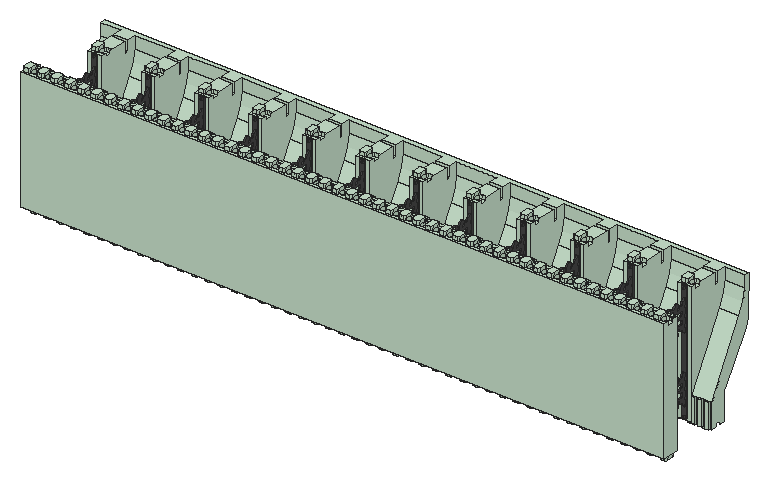
Revit family (continued)
Automatic sketch dimensions
  Extrusion 141 sketch curve to Extrusion 141 sketch curve = 0' - 0.33686"
  Extrusion 141 sketch curve to Extrusion 141 sketch curve = 0' - 0.2216"
  Extrusion 142 sketch curve to plane 7 = 0' - 0.72692"
  Extrusion 142 sketch curve to plane 3 "Center (Left/Right)" = 2' - 7"
  Extrusion 142 sketch curve to Extrusion 142 sketch curve = 0' - 0.17308"  (x2)
  Extrusion 142 sketch curve to Extrusion 142 sketch curve = 0' - 0"  (x5)
  Extrusion 142 sketch curve to Extrusion 142 sketch curve = 0' - 0 1/4"  (x4)
  Extrusion 142 sketch curve to Extrusion 142 sketch curve = 0' - 0.07692"  (x2)
  Extrusion 142 sketch curve to Extrusion 142 sketch curve = 0' - 0.17323"
  Extrusion 142 sketch curve to Extrusion 142 sketch curve = 0' - 0.01019"
  Extrusion 142 sketch curve to Extrusion 142 sketch curve = 0' - 0.07677"
  Extrusion 142 sketch curve to Extrusion 142 sketch curve = 0' - 0.17083"
  Extrusion 142 sketch curve to Extrusion 142 sketch curve = 0' - 0.01665"
  Extrusion 142 sketch curve to Extrusion 142 sketch curve = 0' - 0.14808"
  Extrusion 142 sketch curve to Extrusion 142 sketch curve = 0' - 0.33686"
  Extrusion 142 sketch curve to Extrusion 142 sketch curve = 0' - 0.2216"
  Extrusion 143 sketch curve to plane 7 = 0' - 0.72692"
  Extrusion 143 sketch curve to plane 3 "Center (Left/Right)" = 2' - 5"
  Extrusion 143 sketch curve to Extrusion 143 sketch curve = 0' - 0.17308"  (x2)
  Extrusion 143 sketch curve to Extrusion 143 sketch curve = 0' - 0"  (x5)
  Extrusion 143 sketch curve to Extrusion 143 sketch curve = 0' - 0 1/4"  (x4)
  Extrusion 143 sketch curve to Extrusion 143 sketch curve = 0' - 0.07692"  (x2)
  Extrusion 143 sketch curve to Extrusion 143 sketch curve = 0' - 0.17323"
  Extrusion 143 sketch curve to Extrusion 143 sketch curve = 0' - 0.01019"
  Extrusion 143 sketch curve to Extrusion 143 sketch curve = 0' - 0.07677"
  Extrusion 143 sketch curve to Extrusion 143 sketch curve = 0' - 0.17083"
  Extrusion 143 sketch curve to Extrusion 143 sketch curve = 0' - 0.01665"
  Extrusion 143 sketch curve to Extrusion 143 sketch curve = 0' - 0.14808"
  Extrusion 143 sketch curve to Extrusion 143 sketch curve = 0' - 0.33686"
  Extrusion 143 sketch curve to Extrusion 143 sketch curve = 0' - 0.2216"
  Extrusion 144 sketch curve to plane 7 = 0' - 0.72692"
  Extrusion 144 sketch curve to plane 3 "Center (Left/Right)" = 2' - 3"
  Extrusion 144 sketch curve to Extrusion 144 sketch curve = 0' - 0.17308"  (x2)
  Extrusion 144 sketch curve to Extrusion 144 sketch curve = 0' - 0"  (x5)
  Extrusion 144 sketch curve to Extrusion 144 sketch curve = 0' - 0 1/4"  (x5)
  Extrusion 144 sketch curve to Extrusion 144 sketch curve = 0' - 0.17323"
  Extrusion 144 sketch curve to Extrusion 144 sketch curve = 0' - 0.01019"
  Extrusion 144 sketch curve to Extrusion 144 sketch curve = 0' - 0.07677"
  Extrusion 144 sketch curve to Extrusion 144 sketch curve = 0' - 0.07692"
  Extrusion 144 sketch curve to Extrusion 144 sketch curve = 0' - 0.17083"
  Extrusion 144 sketch curve to Extrusion 144 sketch curve = 0' - 0.01665"
  Extrusion 144 sketch curve to Extrusion 144 sketch curve = 0' - 0.14808"
  Extrusion 144 sketch curve to Extrusion 144 sketch curve = 0' - 0.33686"
  Extrusion 144 sketch curve to Extrusion 144 sketch curve = 0' - 0.2216"
  Extrusion 145 sketch curve to plane 7 = 0' - 0.72692"
  Extrusion 145 sketch curve to plane 3 "Center (Left/Right)" = 2' - 1"
  Extrusion 145 sketch curve to Extrusion 145 sketch curve = 0' - 0.17308"  (x2)
  Extrusion 145 sketch curve to Extrusion 145 sketch curve = 0' - 0"  (x5)
  Extrusion 145 sketch curve to Extrusion 145 sketch curve = 0' - 0 1/4"  (x4)
  Extrusion 145 sketch curve to Extrusion 145 sketch curve = 0' - 0.07692"  (x2)
  Extrusion 145 sketch curve to Extrusion 145 sketch curve = 0' - 0.17323"
  Extrusion 145 sketch curve to Extrusion 145 sketch curve = 0' - 0.01019"
  Extrusion 145 sketch curve to Extrusion 145 sketch curve = 0' - 0.07677"
  Extrusion 145 sketch curve to Extrusion 145 sketch curve = 0' - 0.17083"
  Extrusion 145 sketch curve to Extrusion 145 sketch curve = 0' - 0.01665"
  Extrusion 145 sketch curve to Extrusion 145 sketch curve = 0' - 0.14808"
  Extrusion 145 sketch curve to Extrusion 145 sketch curve = 0' - 0.33686"
  Extrusion 145 sketch curve to Extrusion 145 sketch curve = 0' - 0.2216"
  Extrusion 146 sketch curve to plane 7 = 0' - 0.72692"
  Extrusion 146 sketch curve to plane 3 "Center (Left/Right)" = 1' - 11"
  Extrusion 146 sketch curve to Extrusion 146 sketch curve = 0' - 0.17308"  (x2)
  Extrusion 146 sketch curve to Extrusion 146 sketch curve = 0' - 0"  (x5)
  Extrusion 146 sketch curve to Extrusion 146 sketch curve = 0' - 0 1/4"  (x5)
  Extrusion 146 sketch curve to Extrusion 146 sketch curve = 0' - 0.17323"
  Extrusion 146 sketch curve to Extrusion 146 sketch curve = 0' - 0.01019"
  Extrusion 146 sketch curve to Extrusion 146 sketch curve = 0' - 0.07677"
  Extrusion 146 sketch curve to Extrusion 146 sketch curve = 0' - 0.07692"
  Extrusion 146 sketch curve to Extrusion 146 sketch curve = 0' - 0.17083"
  Extrusion 146 sketch curve to Extrusion 146 sketch curve = 0' - 0.01665"
  Extrusion 146 sketch curve to Extrusion 146 sketch curve = 0' - 0.14808"
  Extrusion 146 sketch curve to Extrusion 146 sketch curve = 0' - 0.33686"
  Extrusion 146 sketch curve to Extrusion 146 sketch curve = 0' - 0.2216"
  Extrusion 147 sketch curve to plane 7 = 0' - 0.72692"
  Extrusion 147 sketch curve to plane 3 "Center (Left/Right)" = 1' - 9"
  Extrusion 147 sketch curve to Extrusion 147 sketch curve = 0' - 0.17308"  (x2)
  Extrusion 147 sketch curve to Extrusion 147 sketch curve = 0' - 0"  (x5)
  Extrusion 147 sketch curve to Extrusion 147 sketch curve = 0' - 0 1/4"  (x5)
  Extrusion 147 sketch curve to Extrusion 147 sketch curve = 0' - 0.17323"
  Extrusion 147 sketch curve to Extrusion 147 sketch curve = 0' - 0.01019"
  Extrusion 147 sketch curve to Extrusion 147 sketch curve = 0' - 0.07677"
  Extrusion 147 sketch curve to Extrusion 147 sketch curve = 0' - 0.07692"
  Extrusion 147 sketch curve to Extrusion 147 sketch curve = 0' - 0.17083"
  Extrusion 147 sketch curve to Extrusion 147 sketch curve = 0' - 0.01665"
  Extrusion 147 sketch curve to Extrusion 147 sketch curve = 0' - 0.14808"
  Extrusion 147 sketch curve to Extrusion 147 sketch curve = 0' - 0.33686"
  Extrusion 147 sketch curve to Extrusion 147 sketch curve = 0' - 0.2216"
  Extrusion 148 sketch curve to plane 7 = 0' - 0.72692"
  Extrusion 148 sketch curve to plane 3 "Center (Left/Right)" = 1' - 7"
  Extrusion 148 sketch curve to Extrusion 148 sketch curve = 0' - 0.17308"  (x2)
  Extrusion 148 sketch curve to Extrusion 148 sketch curve = 0' - 0"  (x5)
  Extrusion 148 sketch curve to Extrusion 148 sketch curve = 0' - 0 1/4"  (x4)
  Extrusion 148 sketch curve to Extrusion 148 sketch curve = 0' - 0.07692"  (x2)
  Extrusion 148 sketch curve to Extrusion 148 sketch curve = 0' - 0.17323"
  Extrusion 148 sketch curve to Extrusion 148 sketch curve = 0' - 0.01019"
  Extrusion 148 sketch curve to Extrusion 148 sketch curve = 0' - 0.07677"
  Extrusion 148 sketch curve to Extrusion 148 sketch curve = 0' - 0.17083"
  Extrusion 148 sketch curve to Extrusion 148 sketch curve = 0' - 0.01665"
  Extrusion 148 sketch curve to Extrusion 148 sketch curve = 0' - 0.14808"
  Extrusion 148 sketch curve to Extrusion 148 sketch curve = 0' - 0.33686"
  Extrusion 148 sketch curve to Extrusion 148 sketch curve = 0' - 0.2216"
  Extrusion 149 sketch curve to plane 7 = 0' - 0.72692"
  Extrusion 149 sketch curve to plane 3 "Center (Left/Right)" = 1' - 5"
  Extrusion 149 sketch curve to Extrusion 149 sketch curve = 0' - 0.17308"  (x2)
  Extrusion 149 sketch curve to Extrusion 149 sketch curve = 0' - 0"  (x5)
  Extrusion 149 sketch curve to Extrusion 149 sketch curve = 0' - 0 1/4"  (x4)
  Extrusion 149 sketch curve to Extrusion 149 sketch curve = 0' - 0.07692"  (x2)
  Extrusion 149 sketch curve to Extrusion 149 sketch curve = 0' - 0.17323"
  Extrusion 149 sketch curve to Extrusion 149 sketch curve = 0' - 0.01019"
  Extrusion 149 sketch curve to Extrusion 149 sketch curve = 0' - 0.07677"
  Extrusion 149 sketch curve to Extrusion 149 sketch curve = 0' - 0.17083"
  Extrusion 149 sketch curve to Extrusion 149 sketch curve = 0' - 0.01665"
  Extrusion 149 sketch curve to Extrusion 149 sketch curve = 0' - 0.14808"
  Extrusion 149 sketch curve to Extrusion 149 sketch curve = 0' - 0.33686"
  Extrusion 149 sketch curve to Extrusion 149 sketch curve = 0' - 0.2216"
  Extrusion 150 sketch curve to plane 7 = 0' - 0.72692"
  Extrusion 150 sketch curve to plane 3 "Center (Left/Right)" = 1' - 3"
  Extrusion 150 sketch curve to Extrusion 150 sketch curve = 0' - 0.17308"  (x2)
  Extrusion 150 sketch curve to Extrusion 150 sketch curve = 0' - 0"  (x5)
  Extrusion 150 sketch curve to Extrusion 150 sketch curve = 0' - 0 1/4"  (x5)
  Extrusion 150 sketch curve to Extrusion 150 sketch curve = 0' - 0.17323"
  Extrusion 150 sketch curve to Extrusion 150 sketch curve = 0' - 0.01019"
  Extrusion 150 sketch curve to Extrusion 150 sketch curve = 0' - 0.07677"
  Extrusion 150 sketch curve to Extrusion 150 sketch curve = 0' - 0.07692"
  Extrusion 150 sketch curve to Extrusion 150 sketch curve = 0' - 0.17083"
  Extrusion 150 sketch curve to Extrusion 150 sketch curve = 0' - 0.01665"
  Extrusion 150 sketch curve to Extrusion 150 sketch curve = 0' - 0.14808"
  Extrusion 150 sketch curve to Extrusion 150 sketch curve = 0' - 0.33686"
  Extrusion 150 sketch curve to Extrusion 150 sketch curve = 0' - 0.2216"
  Extrusion 151 sketch curve to plane 7 = 0' - 0.72692"
  Extrusion 151 sketch curve to plane 3 "Center (Left/Right)" = 1' - 1"
  Extrusion 151 sketch curve to Extrusion 151 sketch curve = 0' - 0.17308"  (x2)
  Extrusion 151 sketch curve to Extrusion 151 sketch curve = 0' - 0"  (x5)
  Extrusion 151 sketch curve to Extrusion 151 sketch curve = 0' - 0 1/4"  (x5)
  Extrusion 151 sketch curve to Extrusion 151 sketch curve = 0' - 0.17323"
  Extrusion 151 sketch curve to Extrusion 151 sketch curve = 0' - 0.01019"
  Extrusion 151 sketch curve to Extrusion 151 sketch curve = 0' - 0.07677"
  Extrusion 151 sketch curve to Extrusion 151 sketch curve = 0' - 0.07692"
  Extrusion 151 sketch curve to Extrusion 151 sketch curve = 0' - 0.17083"
  Extrusion 151 sketch curve to Extrusion 151 sketch curve = 0' - 0.01665"
  Extrusion 151 sketch curve to Extrusion 151 sketch curve = 0' - 0.14808"
  Extrusion 151 sketch curve to Extrusion 151 sketch curve = 0' - 0.33686"
  Extrusion 151 sketch curve to Extrusion 151 sketch curve = 0' - 0.2216"
  Extrusion 152 sketch curve to plane 7 = 0' - 0.72692"
  Extrusion 152 sketch curve to plane 3 "Center (Left/Right)" = 0' - 11"
  Extrusion 152 sketch curve to Extrusion 152 sketch curve = 0' - 0.17308"  (x2)
  Extrusion 152 sketch curve to Extrusion 152 sketch curve = 0' - 0"  (x5)
  Extrusion 152 sketch curve to Extrusion 152 sketch curve = 0' - 0 1/4"  (x5)
  Extrusion 152 sketch curve to Extrusion 152 sketch curve = 0' - 0.17323"
  Extrusion 152 sketch curve to Extrusion 152 sketch curve = 0' - 0.01019"
  Extrusion 152 sketch curve to Extrusion 152 sketch curve = 0' - 0.07677"
  Extrusion 152 sketch curve to Extrusion 152 sketch curve = 0' - 0.07692"
  Extrusion 152 sketch curve to Extrusion 152 sketch curve = 0' - 0.17083"
  Extrusion 152 sketch curve to Extrusion 152 sketch curve = 0' - 0.01665"
  Extrusion 152 sketch curve to Extrusion 152 sketch curve = 0' - 0.14808"
  Extrusion 152 sketch curve to Extrusion 152 sketch curve = 0' - 0.33686"
  Extrusion 152 sketch curve to Extrusion 152 sketch curve = 0' - 0.2216"
  Extrusion 153 sketch curve to plane 7 = 0' - 0.72692"
  Extrusion 153 sketch curve to plane 3 "Center (Left/Right)" = 0' - 9"
  Extrusion 153 sketch curve to Extrusion 153 sketch curve = 0' - 0.17308"  (x2)
  Extrusion 153 sketch curve to Extrusion 153 sketch curve = 0' - 0"  (x5)
  Extrusion 153 sketch curve to Extrusion 153 sketch curve = 0' - 0 1/4"  (x5)
  Extrusion 153 sketch curve to Extrusion 153 sketch curve = 0' - 0.17323"
  Extrusion 153 sketch curve to Extrusion 153 sketch curve = 0' - 0.01019"
  Extrusion 153 sketch curve to Extrusion 153 sketch curve = 0' - 0.07677"
  Extrusion 153 sketch curve to Extrusion 153 sketch curve = 0' - 0.07692"
  Extrusion 153 sketch curve to Extrusion 153 sketch curve = 0' - 0.17083"
  Extrusion 153 sketch curve to Extrusion 153 sketch curve = 0' - 0.01665"
  Extrusion 153 sketch curve to Extrusion 153 sketch curve = 0' - 0.14808"
  Extrusion 153 sketch curve to Extrusion 153 sketch curve = 0' - 0.33686"
  Extrusion 153 sketch curve to Extrusion 153 sketch curve = 0' - 0.2216"
  Extrusion 154 sketch curve to plane 7 = 0' - 0.72692"
  Extrusion 154 sketch curve to plane 3 "Center (Left/Right)" = 0' - 7"
  Extrusion 154 sketch curve to Extrusion 154 sketch curve = 0' - 0.17308"  (x2)
  Extrusion 154 sketch curve to Extrusion 154 sketch curve = 0' - 0"  (x5)
  Extrusion 154 sketch curve to Extrusion 154 sketch curve = 0' - 0 1/4"  (x5)
  Extrusion 154 sketch curve to Extrusion 154 sketch curve = 0' - 0.17323"
  Extrusion 154 sketch curve to Extrusion 154 sketch curve = 0' - 0.01019"
  Extrusion 154 sketch curve to Extrusion 154 sketch curve = 0' - 0.07677"
  Extrusion 154 sketch curve to Extrusion 154 sketch curve = 0' - 0.07692"
  Extrusion 154 sketch curve to Extrusion 154 sketch curve = 0' - 0.17083"
  Extrusion 154 sketch curve to Extrusion 154 sketch curve = 0' - 0.01665"
  Extrusion 154 sketch curve to Extrusion 154 sketch curve = 0' - 0.14808"
  Extrusion 154 sketch curve to Extrusion 154 sketch curve = 0' - 0.33686"
  Extrusion 154 sketch curve to Extrusion 154 sketch curve = 0' - 0.2216"
  Extrusion 155 sketch curve to plane 7 = 0' - 0.72692"
  Extrusion 155 sketch curve to plane 3 "Center (Left/Right)" = 0' - 5"
  Extrusion 155 sketch curve to Extrusion 155 sketch curve = 0' - 0.17308"  (x2)
  Extrusion 155 sketch curve to Extrusion 155 sketch curve = 0' - 0"  (x5)
  Extrusion 155 sketch curve to Extrusion 155 sketch curve = 0' - 0 1/4"  (x5)
  Extrusion 155 sketch curve to Extrusion 155 sketch curve = 0' - 0.17323"
  Extrusion 155 sketch curve to Extrusion 155 sketch curve = 0' - 0.01019"
  Extrusion 155 sketch curve to Extrusion 155 sketch curve = 0' - 0.07677"
  Extrusion 155 sketch curve to Extrusion 155 sketch curve = 0' - 0.07692"
  Extrusion 155 sketch curve to Extrusion 155 sketch curve = 0' - 0.17083"
  Extrusion 155 sketch curve to Extrusion 155 sketch curve = 0' - 0.01665"
  Extrusion 155 sketch curve to Extrusion 155 sketch curve = 0' - 0.14808"
  Extrusion 155 sketch curve to Extrusion 155 sketch curve = 0' - 0.33686"
  Extrusion 155 sketch curve to Extrusion 155 sketch curve = 0' - 0.2216"
  Extrusion 156 sketch curve to plane 7 = 0' - 0.72692"
  Extrusion 156 sketch curve to plane 3 "Center (Left/Right)" = 0' - 3"
  Extrusion 156 sketch curve to Extrusion 156 sketch curve = 0' - 0.17308"  (x2)
  Extrusion 156 sketch curve to Extrusion 156 sketch curve = 0' - 0"  (x5)
  Extrusion 156 sketch curve to Extrusion 156 sketch curve = 0' - 0.07692"  (x2)
  Extrusion 156 sketch curve to Extrusion 156 sketch curve = 0' - 0 1/4"  (x4)
  Extrusion 156 sketch curve to Extrusion 156 sketch curve = 0' - 0.17323"
  Extrusion 156 sketch curve to Extrusion 156 sketch curve = 0' - 0.01019"
  Extrusion 156 sketch curve to Extrusion 156 sketch curve = 0' - 0.07677"
  Extrusion 156 sketch curve to Extrusion 156 sketch curve = 0' - 0.17083"
  Extrusion 156 sketch curve to Extrusion 156 sketch curve = 0' - 0.01665"
  Extrusion 156 sketch curve to Extrusion 156 sketch curve = 0' - 0.14808"
  Extrusion 156 sketch curve to Extrusion 156 sketch curve = 0' - 0.33686"
  Extrusion 156 sketch curve to Extrusion 156 sketch curve = 0' - 0.2216"
  Extrusion 157 sketch curve to plane 3 "Center (Left/Right)" = 0' - 1"
  Extrusion 157 sketch curve to Extrusion 157 sketch curve = 0' - 0.17308"  (x2)
  Extrusion 157 sketch curve to Extrusion 157 sketch curve = 0' - 0"  (x5)
  Extrusion 157 sketch curve to Extrusion 157 sketch curve = 0' - 0 1/4"  (x4)
  Extrusion 157 sketch curve to Extrusion 157 sketch curve = 0' - 0.07692"  (x2)
  Extrusion 157 sketch curve to Extrusion 157 sketch curve = 0' - 0.17323"
  Extrusion 157 sketch curve to Extrusion 157 sketch curve = 0' - 0.01019"
  Extrusion 157 sketch curve to Extrusion 157 sketch curve = 0' - 0.07677"
  Extrusion 157 sketch curve to Extrusion 157 sketch curve = 0' - 0.17083"
  Extrusion 157 sketch curve to Extrusion 157 sketch curve = 0' - 0.01665"
  Extrusion 157 sketch curve to plane 7 = 0' - 0.48905"
  Extrusion 157 sketch curve to Extrusion 157 sketch curve = 0' - 0.14808"
  Extrusion 157 sketch curve to Extrusion 157 sketch curve = 0' - 0.33686"
  Extrusion 157 sketch curve to Extrusion 157 sketch curve = 0' - 0.2216"
  curve 1 to level = 0' - 0"
  curve 1 to plane 9 = 0' - 0"
  plane 3 "Center (Left/Right)" to curve 1 = 0' - 8"
  Extrusion 158 sketch curve to level = 0' - 0"
  Extrusion 158 sketch curve to plane 7 = 0' - 0"
  plane 7 to Extrusion 158 sketch curve = 0' - 0 1/2"
  Extrusion 158 sketch curve to plane 5 = 0' - 0 1/4"
  Extrusion 158 sketch curve to plane 9 = 0' - 0.25337"
  plane 1 "Center (Front/Back)" to Extrusion 158 sketch curve = 0' - 1.22031"
  Extrusion 158 sketch curve to plane 7 = 0' - 0.09212"
  Extrusion 158 sketch curve to plane 7 = 0' - 1.17134"
  Extrusion 158 sketch curve to plane 7 = 0' - 2.8"
  Extrusion 158 sketch curve to plane 9 = 0' - 1 3/4"
  Extrusion 158 sketch curve to Extrusion 158 sketch curve = 0' - 1"
  Extrusion 158 sketch curve to Extrusion 158 sketch curve = 0' - 1.03013"
  plane 9 to Extrusion 158 sketch curve = 0' - 0"
  Extrusion 158 sketch curve to Extrusion 158 sketch curve = 0' - 0.7"
  Extrusion 158 sketch curve to Extrusion 158 sketch curve = 0' - 3 5/8"
  Extrusion 158 sketch curve to Extrusion 158 sketch curve = 0' - 0 1/4"
  Extrusion 158 sketch curve to Extrusion 158 sketch curve = 0' - 0.01926"
  Extrusion 158 sketch curve to Extrusion 158 sketch curve = 0' - 2 1/2"
  Extrusion 159 sketch curve to plane 9 = 0' - 0"
  Extrusion 159 sketch curve to plane 9 = 0' - 0.25337"
  plane 1 "Center (Front/Back)" to Extrusion 159 sketch curve = 0' - 1.22031"
  Extrusion 159 sketch curve to plane 5 = 0' - 0 1/4"
  Extrusion 159 sketch curve to plane 7 = 0' - 2"
  Extrusion 159 sketch curve to Extrusion 159 sketch curve = 0' - 0 1/4"  (x2)
  Extrusion 159 sketch curve to plane 7 = 0' - 2.8"
  Extrusion 159 sketch curve to Extrusion 159 sketch curve = 0' - 1.3"
  Extrusion 159 sketch curve to plane 9 = 0' - 1 1/2"
  level to Extrusion 159 sketch curve = 0' - 3 5/8"
  plane 9 to Extrusion 159 sketch curve = 0' - 0"
  Extrusion 160 sketch curve to plane 9 = 0' - 0"
  Extrusion 160 sketch curve to plane 9 = 0' - 0.25337"
  plane 1 "Center (Front/Back)" to Extrusion 160 sketch curve = 0' - 1.22031"
  Extrusion 160 sketch curve to plane 5 = 0' - 0 1/4"
  Extrusion 160 sketch curve to plane 7 = 0' - 2"
  Extrusion 160 sketch curve to Extrusion 160 sketch curve = 0' - 0 1/4"  (x2)
  Extrusion 160 sketch curve to plane 7 = 0' - 2.8"
  Extrusion 160 sketch curve to Extrusion 160 sketch curve = 0' - 1.3"
  Extrusion 160 sketch curve to plane 9 = 0' - 1 1/2"
  level to Extrusion 160 sketch curve = 0' - 3 5/8"
  plane 9 to Extrusion 160 sketch curve = 0' - 0"
  Extrusion 161 sketch curve to plane 9 = 0' - 0"
  Extrusion 161 sketch curve to plane 9 = 0' - 0.25337"
  plane 1 "Center (Front/Back)" to Extrusion 161 sketch curve = 0' - 1.22031"
  Extrusion 161 sketch curve to plane 5 = 0' - 0 1/4"
  Extrusion 161 sketch curve to plane 7 = 0' - 2"
  Extrusion 161 sketch curve to Extrusion 161 sketch curve = 0' - 0 1/4"  (x2)
  Extrusion 161 sketch curve to plane 7 = 0' - 2.8"
  Extrusion 161 sketch curve to Extrusion 161 sketch curve = 0' - 1.3"
  Extrusion 161 sketch curve to plane 9 = 0' - 1 1/2"
  level to Extrusion 161 sketch curve = 0' - 3 5/8"
  plane 9 to Extrusion 161 sketch curve = 0' - 0"
  level to Extrusion 162 sketch curve = 0' - 3 5/8"
  Extrusion 162 sketch curve to plane 9 = 0' - 0"
  Extrusion 162 sketch curve to plane 5 = 0' - 0 1/4"
  Extrusion 162 sketch curve to plane 7 = 0' - 2"
  Extrusion 162 sketch curve to Extrusion 162 sketch curve = 0' - 0 1/4"
  plane 9 to Extrusion 162 sketch curve = 0' - 0"
  Extrusion 162 sketch curve to Extrusion 162 sketch curve = 0' - 1.3"
  Extrusion 162 sketch curve to plane 9 = 0' - 1 3/4"
  Extrusion 162 sketch curve to Extrusion 162 sketch curve = 0' - 1 1/2"
  Extrusion 162 sketch curve to plane 9 = 0' - 0.25337"
  plane 1 "Center (Front/Back)" to Extrusion 162 sketch curve = 0' - 1.22031"
  Extrusion 162 sketch curve to plane 7 = 0' - 2.8"
  Extrusion 163 sketch curve to plane 9 = 0' - 0"
  Extrusion 163 sketch curve to plane 9 = 0' - 0.25337"
  plane 1 "Center (Front/Back)" to Extrusion 163 sketch curve = 0' - 1.22031"
  Extrusion 163 sketch curve to plane 5 = 0' - 0 1/4"
  Extrusion 163 sketch curve to plane 7 = 0' - 2"
  Extrusion 163 sketch curve to Extrusion 163 sketch curve = 0' - 0 1/4"  (x2)
  Extrusion 163 sketch curve to plane 7 = 0' - 2.8"
  Extrusion 163 sketch curve to Extrusion 163 sketch curve = 0' - 1.3"
  Extrusion 163 sketch curve to plane 9 = 0' - 1 1/2"
  level to Extrusion 163 sketch curve = 0' - 3 5/8"
  plane 9 to Extrusion 163 sketch curve = 0' - 0"
  Extrusion 164 sketch curve to plane 9 = 0' - 0"
  Extrusion 164 sketch curve to plane 9 = 0' - 0.25337"
  plane 1 "Center (Front/Back)" to Extrusion 164 sketch curve = 0' - 1.22031"
  Extrusion 164 sketch curve to plane 5 = 0' - 0 1/4"
  Extrusion 164 sketch curve to plane 7 = 0' - 2"
  Extrusion 164 sketch curve to Extrusion 164 sketch curve = 0' - 0 1/4"  (x2)
  Extrusion 164 sketch curve to plane 7 = 0' - 2.8"
  Extrusion 164 sketch curve to Extrusion 164 sketch curve = 0' - 1.3"
  Extrusion 164 sketch curve to plane 9 = 0' - 1 1/2"
  level to Extrusion 164 sketch curve = 0' - 3 5/8"
  plane 9 to Extrusion 164 sketch curve = 0' - 0"
  Extrusion 165 sketch curve to plane 9 = 0' - 0"
  Extrusion 165 sketch curve to plane 9 = 0' - 0.25337"
  plane 1 "Center (Front/Back)" to Extrusion 165 sketch curve = 0' - 1.22031"
  Extrusion 165 sketch curve to plane 5 = 0' - 0 1/4"
  Extrusion 165 sketch curve to plane 7 = 0' - 2"
  Extrusion 165 sketch curve to Extrusion 165 sketch curve = 0' - 0 1/4"  (x2)
  Extrusion 165 sketch curve to plane 7 = 0' - 2.8"
  Extrusion 165 sketch curve to Extrusion 165 sketch curve = 0' - 1.3"
  Extrusion 165 sketch curve to plane 9 = 0' - 1 1/2"
  level to Extrusion 165 sketch curve = 0' - 3 5/8"
  plane 9 to Extrusion 165 sketch curve = 0' - 0"
  Extrusion 166 sketch curve to plane 9 = 0' - 0"
  Extrusion 166 sketch curve to plane 9 = 0' - 0.25337"
  plane 1 "Center (Front/Back)" to Extrusion 166 sketch curve = 0' - 1.22031"
  Extrusion 166 sketch curve to plane 5 = 0' - 0 1/4"
  Extrusion 166 sketch curve to plane 7 = 0' - 2"
  Extrusion 166 sketch curve to Extrusion 166 sketch curve = 0' - 0 1/4"  (x2)
  Extrusion 166 sketch curve to plane 7 = 0' - 2.8"
  Extrusion 166 sketch curve to Extrusion 166 sketch curve = 0' - 1.3"
  Extrusion 166 sketch curve to plane 9 = 0' - 1 1/2"
  level to Extrusion 166 sketch curve = 0' - 3 5/8"
  plane 9 to Extrusion 166 sketch curve = 0' - 0"
  Extrusion 167 sketch curve to plane 9 = 0' - 0"
  Extrusion 167 sketch curve to plane 9 = 0' - 0.25337"
  plane 1 "Center (Front/Back)" to Extrusion 167 sketch curve = 0' - 1.22031"
  Extrusion 167 sketch curve to plane 5 = 0' - 0 1/4"
  Extrusion 167 sketch curve to plane 7 = 0' - 2"
  Extrusion 167 sketch curve to Extrusion 167 sketch curve = 0' - 0 1/4"  (x2)
  Extrusion 167 sketch curve to plane 7 = 0' - 2.8"
  Extrusion 167 sketch curve to Extrusion 167 sketch curve = 0' - 1.3"
  Extrusion 167 sketch curve to plane 9 = 0' - 1 1/2"
  level to Extrusion 167 sketch curve = 0' - 3 5/8"
  plane 9 to Extrusion 167 sketch curve = 0' - 0"
  Extrusion 168 sketch curve to plane 9 = 0' - 0"
  Extrusion 168 sketch curve to plane 9 = 0' - 0.25337"
  plane 1 "Center (Front/Back)" to Extrusion 168 sketch curve = 0' - 1.22031"
  Extrusion 168 sketch curve to plane 5 = 0' - 0 1/4"
  Extrusion 168 sketch curve to plane 7 = 0' - 2"
  Extrusion 168 sketch curve to Extrusion 168 sketch curve = 0' - 0 1/4"  (x2)
  Extrusion 168 sketch curve to plane 7 = 0' - 2.8"
  Extrusion 168 sketch curve to Extrusion 168 sketch curve = 0' - 1.3"
  Extrusion 168 sketch curve to plane 9 = 0' - 1 1/2"
  level to Extrusion 168 sketch curve = 0' - 3 5/8"
  plane 9 to Extrusion 168 sketch curve = 0' - 0"
  Extrusion 169 sketch curve to plane 9 = 0' - 0"
  Extrusion 169 sketch curve to plane 9 = 0' - 0.25337"
  plane 1 "Center (Front/Back)" to Extrusion 169 sketch curve = 0' - 1.22031"
  Extrusion 169 sketch curve to plane 5 = 0' - 0 1/4"
  Extrusion 169 sketch curve to plane 7 = 0' - 2"
  Extrusion 169 sketch curve to Extrusion 169 sketch curve = 0' - 0 1/4"  (x2)
  Extrusion 169 sketch curve to plane 7 = 0' - 2.8"
  Extrusion 169 sketch curve to Extrusion 169 sketch curve = 0' - 1.3"
  Extrusion 169 sketch curve to plane 9 = 0' - 1 1/2"
  level to Extrusion 169 sketch curve = 0' - 3 5/8"
  plane 9 to Extrusion 169 sketch curve = 0' - 0"
  Extrusion 170 sketch curve to plane 9 = 0' - 0"
  Extrusion 170 sketch curve to plane 9 = 0' - 0.25337"
  plane 1 "Center (Front/Back)" to Extrusion 170 sketch curve = 0' - 1.22031"
  Extrusion 170 sketch curve to plane 5 = 0' - 0 1/4"
  Extrusion 170 sketch curve to plane 7 = 0' - 2"
  Extrusion 170 sketch curve to Extrusion 170 sketch curve = 0' - 0 1/4"  (x2)
  Extrusion 170 sketch curve to plane 7 = 0' - 2.8"
  Extrusion 170 sketch curve to Extrusion 170 sketch curve = 0' - 1.3"
  Extrusion 170 sketch curve to plane 9 = 0' - 1 1/2"
  level to Extrusion 170 sketch curve = 0' - 3 5/8"
  plane 9 to Extrusion 170 sketch curve = 0' - 0"
  plane 5 to Extrusion 171 sketch curve = 0' - 0"  (x72)
  plane 3 "Center (Left/Right)" to Extrusion 171 sketch curve = 0' - 0.21883"
  Extrusion 171 sketch curve to Extrusion 171 sketch curve = 0' - 0.06233"  (x143)
  Extrusion 171 sketch curve to plane 5 = 0' - 0 1/4"  (x72)
  Extrusion 171 sketch curve to Extrusion 171 sketch curve = 0' - 0.43767"  (x130)
  Extrusion 171 sketch curve to Extrusion 171 sketch curve = 0' - 2.43767"  (x12)
  Extrusion 171 sketch curve to plane 4 = 0' - 0.28117"
  Extrusion 171 sketch curve to plane 4 = 0' - 0.21883"
Nested families (in)
  nested 1: "NUDURA Diamond Pattern" at (0, 0, 0), type "NUDURA Diamond Pattern"
  nested 2: "NUDURA Diamond Pattern" at (16, 0, 0), type "NUDURA Diamond Pattern"
  nested 3: "NUDURA Diamond Pattern" at (24, 0, 0), type "NUDURA Diamond Pattern"
  nested 4: "NUDURA Diamond Pattern" at (40, 0, 0), type "NUDURA Diamond Pattern"
  nested 5: "NUDURA Diamond Pattern" at (48, 0, 0), type "NUDURA Diamond Pattern"
  nested 6: "NUDURA Diamond Pattern" at (64, 0, 0), type "NUDURA Diamond Pattern"
  nested 7: "NUDURA Diamond Pattern" at (72, 0, 0), type "NUDURA Diamond Pattern"
  nested 8: "NUDURA Diamond Pattern" at (88, 0, 0), type "NUDURA Diamond Pattern"
  nested 9: "Interlock Tooth" at (0, 0, 0), type "Interlock Tooth"
  nested 10: "Interlock Tooth" at (2, 0, 0), type "Interlock Tooth"
  nested 11: "Interlock Tooth" at (4, 0, 0), type "Interlock Tooth"
  nested 12: "Interlock Tooth" at (6, 0, 0), type "Interlock Tooth"
  nested 13: "Interlock Tooth" at (8, 0, 0), type "Interlock Tooth"
  nested 14: "Interlock Tooth" at (10, 0, 0), type "Interlock Tooth"
  nested 15: "Interlock Tooth" at (12, 0, 0), type "Interlock Tooth"
  nested 16: "Interlock Tooth" at (14, 0, 0), type "Interlock Tooth"
  nested 17: "Interlock Tooth" at (16, 0, 0), type "Interlock Tooth"
  nested 18: "Interlock Tooth" at (18, 0, 0), type "Interlock Tooth"
  nested 19: "Interlock Tooth" at (20, 0, 0), type "Interlock Tooth"
  nested 20: "Interlock Tooth" at (22, 0, 0), type "Interlock Tooth"
  nested 21: "Interlock Tooth" at (24, 0, 0), type "Interlock Tooth"
  nested 22: "Interlock Tooth" at (26, 0, 0), type "Interlock Tooth"
  nested 23: "Interlock Tooth" at (28, 0, 0), type "Interlock Tooth"
  nested 24: "Interlock Tooth" at (30, 0, 0), type "Interlock Tooth"
  nested 25: "Interlock Tooth" at (32, 0, 0), type "Interlock Tooth"
  nested 26: "Interlock Tooth" at (34, 0, 0), type "Interlock Tooth"
  nested 27: "Interlock Tooth" at (36, 0, 0), type "Interlock Tooth"
  nested 28: "Interlock Tooth" at (38, 0, 0), type "Interlock Tooth"
  nested 29: "Interlock Tooth" at (40, 0, 0), type "Interlock Tooth"
  nested 30: "Interlock Tooth" at (42, 0, 0), type "Interlock Tooth"
  nested 31: "Interlock Tooth" at (44, 0, 0), type "Interlock Tooth"
  nested 32: "Interlock Tooth" at (46, 0, 0), type "Interlock Tooth"
  nested 33: "Interlock Tooth" at (48, 0, 0), type "Interlock Tooth"
  nested 34: "Interlock Tooth" at (50, 0, 0), type "Interlock Tooth"
  nested 35: "Interlock Tooth" at (52, 0, 0), type "Interlock Tooth"
  nested 36: "Interlock Tooth" at (54, 0, 0), type "Interlock Tooth"
  nested 37: "Interlock Tooth" at (56, 0, 0), type "Interlock Tooth"
  nested 38: "Interlock Tooth" at (58, 0, 0), type "Interlock Tooth"
  nested 39: "Interlock Tooth" at (60, 0, 0), type "Interlock Tooth"
  nested 40: "Interlock Tooth" at (62, 0, 0), type "Interlock Tooth"
  nested 41: "Interlock Tooth" at (64, 0, 0), type "Interlock Tooth"
  nested 42: "Interlock Tooth" at (66, 0, 0), type "Interlock Tooth"
  nested 43: "Interlock Tooth" at (68, 0, 0), type "Interlock Tooth"
  nested 44: "Interlock Tooth" at (70, 0, 0), type "Interlock Tooth"
  nested 45: "Interlock Tooth" at (72, 0, 0), type "Interlock Tooth"
  nested 46: "Interlock Tooth" at (74, 0, 0), type "Interlock Tooth"
  nested 47: "Interlock Tooth" at (76, 0, 0), type "Interlock Tooth"
  nested 48: "Interlock Tooth" at (78, 0, 0), type "Interlock Tooth"
  nested 49: "Interlock Tooth" at (80, 0, 0), type "Interlock Tooth"
  nested 50: "Interlock Tooth" at (82, 0, 0), type "Interlock Tooth"
  nested 51: "Interlock Tooth" at (84, 0, 0), type "Interlock Tooth"
  nested 52: "Interlock Tooth" at (86, 0, 0), type "Interlock Tooth"
  nested 53: "Interlock Tooth" at (88, 0, 0), type "Interlock Tooth"
  nested 54: "Interlock Tooth" at (90, 0, 0), type "Interlock Tooth"
  nested 55: "Interlock Tooth" at (92, 0, 0), type "Interlock Tooth"
  nested 56: "Interlock Tooth" at (94, 0, 0), type "Interlock Tooth"
  nested 57: "Interlock Tooth" at (3, 8.875, 0), type "Interlock Tooth"
  nested 58: "Interlock Tooth" at (11, 8.875, 0), type "Interlock Tooth"
  nested 59: "Interlock Tooth" at (19, 8.875, 0), type "Interlock Tooth"
  nested 60: "Interlock Tooth" at (27, 8.875, 0), type "Interlock Tooth"
  nested 61: "Interlock Tooth" at (35, 8.875, 0), type "Interlock Tooth"
  nested 62: "Interlock Tooth" at (43, 8.875, 0), type "Interlock Tooth"
  nested 63: "Interlock Tooth" at (51, 8.875, 0), type "Interlock Tooth"
  nested 64: "Interlock Tooth" at (59, 8.875, 0), type "Interlock Tooth"
  nested 65: "Interlock Tooth" at (67, 8.875, 0), type "Interlock Tooth"
  nested 66: "Interlock Tooth" at (75, 8.875, 0), type "Interlock Tooth"
  nested 67: "Interlock Tooth" at (83, 8.875, 0), type "Interlock Tooth"
  nested 68: "Interlock Tooth" at (91, 8.875, 0), type "Interlock Tooth"
  nested 69: "Interlock Tooth" at (1, -8.875, -18.5), type "Interlock Tooth"
  nested 70: "Interlock Tooth" at (3, -8.875, -18.5), type "Interlock Tooth"
  nested 71: "Interlock Tooth" at (5, -8.875, -18.5), type "Interlock Tooth"
  nested 72: "Interlock Tooth" at (7, -8.875, -18.5), type "Interlock Tooth"
  nested 73: "Interlock Tooth" at (9, -8.875, -18.5), type "Interlock Tooth"
  nested 74: "Interlock Tooth" at (11, -8.875, -18.5), type "Interlock Tooth"
  nested 75: "Interlock Tooth" at (13, -8.875, -18.5), type "Interlock Tooth"
  nested 76: "Interlock Tooth" at (15, -8.875, -18.5), type "Interlock Tooth"
  nested 77: "Interlock Tooth" at (17, -8.875, -18.5), type "Interlock Tooth"
  nested 78: "Interlock Tooth" at (19, -8.875, -18.5), type "Interlock Tooth"
  nested 79: "Interlock Tooth" at (21, -8.875, -18.5), type "Interlock Tooth"
  nested 80: "Interlock Tooth" at (23, -8.875, -18.5), type "Interlock Tooth"
  nested 81: "Interlock Tooth" at (25, -8.875, -18.5), type "Interlock Tooth"
  nested 82: "Interlock Tooth" at (27, -8.875, -18.5), type "Interlock Tooth"
  nested 83: "Interlock Tooth" at (29, -8.875, -18.5), type "Interlock Tooth"
  nested 84: "Interlock Tooth" at (31, -8.875, -18.5), type "Interlock Tooth"
  nested 85: "Interlock Tooth" at (33, -8.875, -18.5), type "Interlock Tooth"
  nested 86: "Interlock Tooth" at (35, -8.875, -18.5), type "Interlock Tooth"
  nested 87: "Interlock Tooth" at (37, -8.875, -18.5), type "Interlock Tooth"
  nested 88: "Interlock Tooth" at (39, -8.875, -18.5), type "Interlock Tooth"
  nested 89: "Interlock Tooth" at (41, -8.875, -18.5), type "Interlock Tooth"
  nested 90: "Interlock Tooth" at (43, -8.875, -18.5), type "Interlock Tooth"
  nested 91: "Interlock Tooth" at (45, -8.875, -18.5), type "Interlock Tooth"
  nested 92: "Interlock Tooth" at (47, -8.875, -18.5), type "Interlock Tooth"
  nested 93: "Interlock Tooth" at (49, -8.875, -18.5), type "Interlock Tooth"
  nested 94: "Interlock Tooth" at (51, -8.875, -18.5), type "Interlock Tooth"
  nested 95: "Interlock Tooth" at (53, -8.875, -18.5), type "Interlock Tooth"
  nested 96: "Interlock Tooth" at (55, -8.875, -18.5), type "Interlock Tooth"
  nested 97: "Interlock Tooth" at (57, -8.875, -18.5), type "Interlock Tooth"
  nested 98: "Interlock Tooth" at (59, -8.875, -18.5), type "Interlock Tooth"
  nested 99: "Interlock Tooth" at (61, -8.875, -18.5), type "Interlock Tooth"
  nested 100: "Interlock Tooth" at (63, -8.875, -18.5), type "Interlock Tooth"
  nested 101: "Interlock Tooth" at (65, -8.875, -18.5), type "Interlock Tooth"
  nested 102: "Interlock Tooth" at (67, -8.875, -18.5), type "Interlock Tooth"
  nested 103: "Interlock Tooth" at (69, -8.875, -18.5), type "Interlock Tooth"
  nested 104: "Interlock Tooth" at (71, -8.875, -18.5), type "Interlock Tooth"
  nested 105: "Interlock Tooth" at (73, -8.875, -18.5), type "Interlock Tooth"
  nested 106: "Interlock Tooth" at (75, -8.875, -18.5), type "Interlock Tooth"
  nested 107: "Interlock Tooth" at (77, -8.875, -18.5), type "Interlock Tooth"
  nested 108: "Interlock Tooth" at (79, -8.875, -18.5), type "Interlock Tooth"
  nested 109: "Interlock Tooth" at (81, -8.875, -18.5), type "Interlock Tooth"
  nested 110: "Interlock Tooth" at (83, -8.875, -18.5), type "Interlock Tooth"
  nested 111: "Interlock Tooth" at (85, -8.875, -18.5), type "Interlock Tooth"
  nested 112: "Interlock Tooth" at (87, -8.875, -18.5), type "Interlock Tooth"
  nested 113: "Interlock Tooth" at (89, -8.875, -18.5), type "Interlock Tooth"
  nested 114: "Interlock Tooth" at (91, -8.875, -18.5), type "Interlock Tooth"
  nested 115: "Interlock Tooth" at (93, -8.875, -18.5), type "Interlock Tooth"
  nested 116: "Interlock Tooth" at (95, -8.875, -18.5), type "Interlock Tooth"
  nested 117: "Interlock Tooth" at (0, 0, -18.5), type "Interlock Tooth"
  nested 118: "Interlock Tooth" at (2, 0, -18.5), type "Interlock Tooth"
  nested 119: "Interlock Tooth" at (4, 0, -18.5), type "Interlock Tooth"
  nested 120: "Interlock Tooth" at (6, 0, -18.5), type "Interlock Tooth"
  nested 121: "Interlock Tooth" at (8, 0, -18.5), type "Interlock Tooth"
  nested 122: "Interlock Tooth" at (10, 0, -18.5), type "Interlock Tooth"
  nested 123: "Interlock Tooth" at (12, 0, -18.5), type "Interlock Tooth"
  nested 124: "Interlock Tooth" at (14, 0, -18.5), type "Interlock Tooth"
  nested 125: "Interlock Tooth" at (16, 0, -18.5), type "Interlock Tooth"
  nested 126: "Interlock Tooth" at (18, 0, -18.5), type "Interlock Tooth"
  nested 127: "Interlock Tooth" at (20, 0, -18.5), type "Interlock Tooth"
  nested 128: "Interlock Tooth" at (22, 0, -18.5), type "Interlock Tooth"
  nested 129: "Interlock Tooth" at (24, 0, -18.5), type "Interlock Tooth"
  nested 130: "Interlock Tooth" at (26, 0, -18.5), type "Interlock Tooth"
  nested 131: "Interlock Tooth" at (28, 0, -18.5), type "Interlock Tooth"
  nested 132: "Interlock Tooth" at (30, 0, -18.5), type "Interlock Tooth"
  nested 133: "Interlock Tooth" at (32, 0, -18.5), type "Interlock Tooth"
  nested 134: "Interlock Tooth" at (34, 0, -18.5), type "Interlock Tooth"
  nested 135: "Interlock Tooth" at (36, 0, -18.5), type "Interlock Tooth"
  nested 136: "Interlock Tooth" at (38, 0, -18.5), type "Interlock Tooth"
  nested 137: "Interlock Tooth" at (40, 0, -18.5), type "Interlock Tooth"
  nested 138: "Interlock Tooth" at (42, 0, -18.5), type "Interlock Tooth"
  nested 139: "Interlock Tooth" at (44, 0, -18.5), type "Interlock Tooth"
  nested 140: "Interlock Tooth" at (46, 0, -18.5), type "Interlock Tooth"
  nested 141: "Interlock Tooth" at (48, 0, -18.5), type "Interlock Tooth"
  nested 142: "Interlock Tooth" at (50, 0, -18.5), type "Interlock Tooth"
  nested 143: "Interlock Tooth" at (52, 0, -18.5), type "Interlock Tooth"
  nested 144: "Interlock Tooth" at (54, 0, -18.5), type "Interlock Tooth"
  nested 145: "Interlock Tooth" at (56, 0, -18.5), type "Interlock Tooth"
  nested 146: "Interlock Tooth" at (58, 0, -18.5), type "Interlock Tooth"
  nested 147: "Interlock Tooth" at (60, 0, -18.5), type "Interlock Tooth"
  nested 148: "Interlock Tooth" at (62, 0, -18.5), type "Interlock Tooth"
  nested 149: "Interlock Tooth" at (64, 0, -18.5), type "Interlock Tooth"
  nested 150: "Interlock Tooth" at (66, 0, -18.5), type "Interlock Tooth"
  nested 151: "Interlock Tooth" at (68, 0, -18.5), type "Interlock Tooth"
  nested 152: "Interlock Tooth" at (70, 0, -18.5), type "Interlock Tooth"
  nested 153: "Interlock Tooth" at (72, 0, -18.5), type "Interlock Tooth"
  nested 154: "Interlock Tooth" at (74, 0, -18.5), type "Interlock Tooth"
  nested 155: "Interlock Tooth" at (76, 0, -18.5), type "Interlock Tooth"
  nested 156: "Interlock Tooth" at (78, 0, -18.5), type "Interlock Tooth"
  nested 157: "Interlock Tooth" at (80, 0, -18.5), type "Interlock Tooth"
  nested 158: "Interlock Tooth" at (82, 0, -18.5), type "Interlock Tooth"
  nested 159: "Interlock Tooth" at (84, 0, -18.5), type "Interlock Tooth"
  nested 160: "Interlock Tooth" at (86, 0, -18.5), type "Interlock Tooth"
  nested 161: "Interlock Tooth" at (88, 0, -18.5), type "Interlock Tooth"
  nested 162: "Interlock Tooth" at (90, 0, -18.5), type "Interlock Tooth"
  nested 163: "Interlock Tooth" at (92, 0, -18.5), type "Interlock Tooth"
  nested 164: "Interlock Tooth" at (94, 0, -18.5), type "Interlock Tooth"
  nested 165: "6-inch Web" at (4, 0.005, 0), type "6-inch Web"
  nested 166: "6-inch Web" at (12, 0.005, 0), type "6-inch Web"
  nested 167: "6-inch Web" at (20, 0.005, 0), type "6-inch Web"
  nested 168: "6-inch Web" at (28, 0.005, 0), type "6-inch Web"
  nested 169: "6-inch Web" at (36, 0.005, 0), type "6-inch Web"
  nested 170: "6-inch Web" at (44, 0.005, 0), type "6-inch Web"
  nested 171: "6-inch Web" at (52, 0.005, 0), type "6-inch Web"
  nested 172: "6-inch Web" at (60, 0.005, 0), type "6-inch Web"
  nested 173: "6-inch Web" at (68, 0.005, 0), type "6-inch Web"
  nested 174: "6-inch Web" at (76, 0.005, 0), type "6-inch Web"
  nested 175: "6-inch Web" at (84, 0.005, 0), type "6-inch Web"
  nested 176: "6-inch Web" at (92, 0.005, 0), type "6-inch Web"
  nested 177: "NUDURA Logo Diamond" at (0, -5.625, 0), type "NUDURA Logo Diamond"
  nested 178: "NUDURA Logo Diamond" at (24, -5.625, 0), type "NUDURA Logo Diamond"
  nested 179: "NUDURA Logo Diamond" at (48, -5.625, 0), type "NUDURA Logo Diamond"
  nested 180: "NUDURA Logo Diamond" at (72, -5.625, 0), type "NUDURA Logo Diamond"
  nested 181: "NUDURA Brick Ledge Diamond Pattern" at (88, 11.25, 0), type "NUDURA Brick Ledge Diamond Pattern"
  nested 182: "NUDURA Brick Ledge Diamond Pattern" at (80, 11.25, 0), type "NUDURA Brick Ledge Diamond Pattern"
  nested 183: "NUDURA Brick Ledge Diamond Pattern" at (72, 11.25, 0), type "NUDURA Brick Ledge Diamond Pattern"
  nested 184: "NUDURA Brick Ledge Diamond Pattern" at (64, 11.25, 0), type "NUDURA Brick Ledge Diamond Pattern"
  nested 185: "NUDURA Brick Ledge Diamond Pattern" at (56, 11.25, 0), type "NUDURA Brick Ledge Diamond Pattern"
  nested 186: "NUDURA Brick Ledge Diamond Pattern" at (48, 11.25, 0), type "NUDURA Brick Ledge Diamond Pattern"
  nested 187: "NUDURA Brick Ledge Diamond Pattern" at (40, 11.25, 0), type "NUDURA Brick Ledge Diamond Pattern"
  nested 188: "NUDURA Brick Ledge Diamond Pattern" at (32, 11.25, 0), type "NUDURA Brick Ledge Diamond Pattern"
  nested 189: "NUDURA Brick Ledge Diamond Pattern" at (24, 11.25, 0), type "NUDURA Brick Ledge Diamond Pattern"
  nested 190: "NUDURA Brick Ledge Diamond Pattern" at (16, 11.25, 0), type "NUDURA Brick Ledge Diamond Pattern"
  nested 191: "NUDURA Brick Ledge Diamond Pattern" at (8, 11.25, 0), type "NUDURA Brick Ledge Diamond Pattern"
  nested 192: "NUDURA Brick Ledge Diamond Pattern" at (0, 11.25, 0), type "NUDURA Brick Ledge Diamond Pattern"
Definition of nested family "Interlock Tooth"
  Reference planes (in)
    plane 1 "Center (Front/Back)": y = 0
    plane 2: z = 0
    plane 3 "Center (Left/Right)": x = 0
    plane 4: z = 18
    plane 5: z = 18.5
    plane 6: z = -0.5
  Forms (in)
    Extrusion 1, solid, material "EPS- NUDURA- Foam Panel"
      sketch origin (0, -8.875, 0) x (1, 0, 0) y (0, 1, 0)
        loop
          arc (0, 3.97692) -> (0.04785, 3.82983) -> (0.17308, 3.73905) r 0.25
          arc (0.17308, 3.73905) -> (0.5, 3.6875) -> (0.82692, 3.73905) r 1.0625
          arc (0.82692, 3.73905) -> (0.95215, 3.82983) -> (1, 3.97692) r 0.25
          line (1, 3.97692) -> (1, 4.89808)
          arc (1, 4.89808) -> (0.95215, 5.04517) -> (0.82692, 5.13595) r 0.25
          arc (0.82692, 5.13595) -> (0.5, 5.1875) -> (0.17308, 5.13595) r 1.0625
          arc (0.17308, 5.13595) -> (0.04785, 5.04517) -> (0, 4.89808) r 0.25
          line (0, 4.89808) -> (0, 3.97692)
      from 18 to 18.5
  Dimensions and locks (in)
    locked: plane 4 to level at 18
    locked: plane 4 to plane 5 at 0.5
    locked: plane 6 to level at 0.5
Definition of nested family "6-inch Web"
  Reference planes (in)
    plane 1 "Center (Front/Back)": y = 0
    plane 2: z = 0
    plane 3 "Center (Left/Right)": x = 0
  Forms (in)
    Extrusion 1, solid, material "Polypropylene- NUDURA"
      sketch origin (0, 0, -0.5) x (0, 1, 0) y (0, 0, 1)
        loop
          line (2.995, 3.6038) -> (2.8844, 3.6038) -> (2.8844, 3.6738) -> (3.1275, 3.6738)
          arc (3.1275, 3.6738) -> (3.17169, 3.65549) -> (3.19, 3.6113) r 0.0625
          line (3.19, 3.6113) -> (3.19, 4.3963)
          arc (3.19, 4.3963) -> (3.17169, 4.3521) -> (3.1275, 4.3338) r 0.0625
          line (3.1275, 4.3338) -> (2.8844, 4.3338) -> (2.8844, 4.4038) -> (2.995, 4.4038) -> (2.995, 4.9038) -> (2.8844, 4.9038) -> (2.8844, 4.9738) -> (3.1275, 4.9738)
          arc (3.1275, 4.9738) -> (3.17169, 4.95549) -> (3.19, 4.9113) r 0.0625
          line (3.19, 4.9113) -> (3.19, 5.6963)
          arc (3.19, 5.6963) -> (3.17169, 5.6521) -> (3.1275, 5.6338) r 0.0625
          line (3.1275, 5.6338) -> (2.8844, 5.6338) -> (2.8844, 5.7038) -> (2.995, 5.7038) -> (2.995, 6.20377) -> (2.8844, 6.20377) -> (2.8844, 6.2738) -> (3.1275, 6.2738)
          arc (3.1275, 6.2738) -> (3.17169, 6.25549) -> (3.19, 6.2113) r 0.0625
          line (3.19, 6.2113) -> (3.19, 6.8109) -> (3.09, 6.8109)
          arc (3.09, 6.8109) -> (2.98601, 6.70794) -> (2.85666, 6.6395) r 0.5
          arc (2.85666, 6.6395) -> (2.73587, 6.54813) -> (2.69, 6.4038) r 0.25
          line (2.69, 6.4038) -> (2.69, 6.3363)
          arc (2.69, 6.3363) -> (2.7083, 6.2921) -> (2.7525, 6.2738) r 0.0625
          line (2.7525, 6.2738) -> (2.80974, 6.2738) -> (2.80974, 6.20377) -> (2.695, 6.20377)
          arc (2.695, 6.20377) -> (2.49379, 6.21279) -> (2.29847, 6.26195) r 1
          arc (2.29847, 6.26195) -> (2.20889, 6.24343) -> (2.18179, 6.15605) r 0.09
          arc (2.18179, 6.15605) -> (1.74446, 5.81508) -> (1.77171, 6.36896) r 0.305
          arc (1.77171, 6.36896) -> (1.89426, 6.65493) -> (1.60829, 6.77748) r 0.22
          arc (1.60829, 6.77748) -> (1.32045, 6.57189) -> (1.15988, 6.25672) r 0.745
          arc (1.15988, 6.25672) -> (1.09328, 5.94527) -> (0.99404, 5.64264) r 3
          arc (0.99404, 5.64264) -> (0.48542, 5.5766) -> (0.63581, 6.06695) r 0.305
          arc (0.63581, 6.06695) -> (0.81067, 6.29127) -> (0.64859, 6.52499) r 0.24
          arc (0.64859, 6.52499) -> (0.32877, 6.60587) -> (0, 6.63308) r 2
          arc (0, 6.63308) -> (-0.32877, 6.60587) -> (-0.64859, 6.52499) r 2
          arc (-0.64859, 6.52499) -> (-0.81067, 6.29127) -> (-0.63581, 6.06695) r 0.24
          arc (-0.63581, 6.06695) -> (-0.48542, 5.5766) -> (-0.99404, 5.64264) r 0.305
          arc (-0.99404, 5.64264) -> (-1.09328, 5.94527) -> (-1.15988, 6.25672) r 3
          arc (-1.15988, 6.25672) -> (-1.32045, 6.57189) -> (-1.60829, 6.77748) r 0.745
          arc (-1.60829, 6.77748) -> (-1.89426, 6.65493) -> (-1.77171, 6.36896) r 0.22
          arc (-1.77171, 6.36896) -> (-1.74446, 5.81508) -> (-2.18179, 6.15605) r 0.305
          arc (-2.18179, 6.15605) -> (-2.20889, 6.24343) -> (-2.29847, 6.26195) r 0.09
          arc (-2.29847, 6.26195) -> (-2.49379, 6.21279) -> (-2.695, 6.20377) r 1
          line (-2.695, 6.20377) -> (-2.80974, 6.20377) -> (-2.80974, 6.2738) -> (-2.7525, 6.2738)
          arc (-2.7525, 6.2738) -> (-2.7083, 6.2921) -> (-2.69, 6.3363) r 0.0625
          line (-2.69, 6.3363) -> (-2.69, 6.4038)
          arc (-2.69, 6.4038) -> (-2.73587, 6.54813) -> (-2.85666, 6.6395) r 0.25
          arc (-2.85666, 6.6395) -> (-2.98601, 6.70794) -> (-3.09, 6.8109) r 0.5
          line (-3.09, 6.8109) -> (-3.19, 6.8109) -> (-3.19, 6.2113)
          arc (-3.19, 6.2113) -> (-3.17169, 6.25549) -> (-3.1275, 6.2738) r 0.0625
          line (-3.1275, 6.2738) -> (-2.8844, 6.2738) -> (-2.8844, 6.20377) -> (-2.995, 6.20377) -> (-2.995, 5.7038) -> (-2.8844, 5.7038) -> (-2.8844, 5.6338) -> (-3.1275, 5.6338)
          arc (-3.1275, 5.6338) -> (-3.17169, 5.6521) -> (-3.19, 5.6963) r 0.0625
          line (-3.19, 5.6963) -> (-3.19, 4.9113)
          arc (-3.19, 4.9113) -> (-3.17169, 4.95549) -> (-3.1275, 4.9738) r 0.0625
          line (-3.1275, 4.9738) -> (-2.8844, 4.9738) -> (-2.8844, 4.9038) -> (-2.995, 4.9038) -> (-2.995, 4.4038) -> (-2.8844, 4.4038) -> (-2.8844, 4.3338) -> (-3.1275, 4.3338)
          arc (-3.1275, 4.3338) -> (-3.17169, 4.3521) -> (-3.19, 4.3963) r 0.0625
          line (-3.19, 4.3963) -> (-3.19, 3.6113)
          arc (-3.19, 3.6113) -> (-3.17169, 3.65549) -> (-3.1275, 3.6738) r 0.0625
          line (-3.1275, 3.6738) -> (-2.8844, 3.6738) -> (-2.8844, 3.6038) -> (-2.995, 3.6038) -> (-2.995, 3.10383) -> (-2.8844, 3.10383) -> (-2.8844, 3.0338) -> (-3.1275, 3.0338)
          arc (-3.1275, 3.0338) -> (-3.17169, 3.0521) -> (-3.19, 3.0963) r 0.0625
          line (-3.19, 3.0963) -> (-3.19, 2.19669)
          arc (-3.19, 2.19669) -> (-3.09824, 2.48537) -> (-2.85666, 2.6681) r 0.5
          arc (-2.85666, 2.6681) -> (-2.73587, 2.75946) -> (-2.69, 2.9038) r 0.25
          line (-2.69, 2.9038) -> (-2.69, 2.9713)
          arc (-2.69, 2.9713) -> (-2.7083, 3.01549) -> (-2.7525, 3.0338) r 0.0625
          line (-2.7525, 3.0338) -> (-2.80974, 3.0338) -> (-2.80974, 3.10383) -> (-2.695, 3.10383)
          arc (-2.695, 3.10383) -> (-2.49379, 3.0948) -> (-2.29847, 3.04565) r 1
          arc (-2.29847, 3.04565) -> (-2.20889, 3.06417) -> (-2.18179, 3.15155) r 0.09
          arc (-2.18179, 3.15155) -> (-1.74446, 3.49251) -> (-1.77171, 2.93864) r 0.305
          arc (-1.77171, 2.93864) -> (-1.89426, 2.65266) -> (-1.60829, 2.53012) r 0.22
          arc (-1.60829, 2.53012) -> (-1.32045, 2.7357) -> (-1.15988, 3.05087) r 0.745
          arc (-1.15988, 3.05087) -> (-1.09328, 3.36232) -> (-0.99404, 3.66495) r 3
          arc (-0.99404, 3.66495) -> (-0.48542, 3.73099) -> (-0.63581, 3.24065) r 0.305
          arc (-0.63581, 3.24065) -> (-0.81067, 3.01633) -> (-0.64859, 2.7826) r 0.24
          arc (-0.64859, 2.7826) -> (-0.32877, 2.70172) -> (0, 2.67451) r 2
          arc (0, 2.67451) -> (0.32877, 2.70172) -> (0.64859, 2.7826) r 2
          arc (0.64859, 2.7826) -> (0.81067, 3.01633) -> (0.63581, 3.24065) r 0.24
          arc (0.63581, 3.24065) -> (0.48542, 3.73099) -> (0.99404, 3.66495) r 0.305
          arc (0.99404, 3.66495) -> (1.09328, 3.36232) -> (1.15988, 3.05087) r 3
          arc (1.15988, 3.05087) -> (1.32045, 2.7357) -> (1.60829, 2.53012) r 0.745
          arc (1.60829, 2.53012) -> (1.89426, 2.65266) -> (1.77171, 2.93864) r 0.22
          arc (1.77171, 2.93864) -> (1.74446, 3.49251) -> (2.18179, 3.15155) r 0.305
          arc (2.18179, 3.15155) -> (2.20889, 3.06417) -> (2.29847, 3.04565) r 0.09
          arc (2.29847, 3.04565) -> (2.49379, 3.0948) -> (2.695, 3.10383) r 1
          line (2.695, 3.10383) -> (2.80974, 3.10383) -> (2.80974, 3.0338) -> (2.7525, 3.0338)
          arc (2.7525, 3.0338) -> (2.7083, 3.01549) -> (2.69, 2.9713) r 0.0625
          line (2.69, 2.9713) -> (2.69, 2.9038)
          arc (2.69, 2.9038) -> (2.73587, 2.75946) -> (2.85666, 2.6681) r 0.25
          arc (2.85666, 2.6681) -> (3.09824, 2.48537) -> (3.19, 2.19669) r 0.5
          line (3.19, 2.19669) -> (3.19, 3.0963)
          arc (3.19, 3.0963) -> (3.17169, 3.0521) -> (3.1275, 3.0338) r 0.0625
          line (3.1275, 3.0338) -> (2.8844, 3.0338) -> (2.8844, 3.10383) -> (2.995, 3.10383) -> (2.995, 3.6038)
        loop
          arc (0.38913, 4.5638) -> (0.16047, 4.35863) -> (0.33976, 4.10916) r 0.23
          line (0.33976, 4.10916) -> (2.551, 3.6276)
          arc (2.551, 3.6276) -> (2.62256, 3.61307) -> (2.695, 3.6038) r 1
          line (2.695, 3.6038) -> (2.80974, 3.6038) -> (2.80974, 3.6738) -> (2.7525, 3.6738)
          arc (2.7525, 3.6738) -> (2.7083, 3.6921) -> (2.69, 3.7363) r 0.0625
          line (2.69, 3.7363) -> (2.69, 4.2713)
          arc (2.69, 4.2713) -> (2.7083, 4.31549) -> (2.7525, 4.3338) r 0.0625
          line (2.7525, 4.3338) -> (2.80974, 4.3338) -> (2.80974, 4.4038) -> (2.695, 4.4038)
          arc (2.695, 4.4038) -> (2.64143, 4.4115) -> (2.59139, 4.43213) r 0.21872
          arc (2.59139, 4.43213) -> (2.29477, 4.52761) -> (1.98527, 4.5638) r 1.6
          line (1.98527, 4.5638) -> (0.38913, 4.5638)
        loop
          line (2.695, 4.9038) -> (2.80974, 4.9038) -> (2.80974, 4.9738) -> (2.7525, 4.9738)
          arc (2.7525, 4.9738) -> (2.7083, 4.9921) -> (2.69, 5.0363) r 0.0625
          line (2.69, 5.0363) -> (2.69, 5.5713)
          arc (2.69, 5.5713) -> (2.7083, 5.61549) -> (2.7525, 5.6338) r 0.0625
          line (2.7525, 5.6338) -> (2.80974, 5.6338) -> (2.80974, 5.7038) -> (2.695, 5.7038)
          arc (2.695, 5.7038) -> (2.62256, 5.69453) -> (2.551, 5.67999) r 1
          line (2.551, 5.67999) -> (0.33976, 5.19844)
          arc (0.33976, 5.19844) -> (0.16047, 4.94897) -> (0.38913, 4.7438) r 0.23
          line (0.38913, 4.7438) -> (1.98527, 4.7438)
          arc (1.98527, 4.7438) -> (2.29477, 4.77998) -> (2.59139, 4.87547) r 1.6
          arc (2.59139, 4.87547) -> (2.64143, 4.89609) -> (2.695, 4.9038) r 0.21872
        loop
          line (-2.59482, 3.61806) -> (-0.33976, 4.10916)
          arc (-0.33976, 4.10916) -> (-0.16047, 4.35863) -> (-0.38913, 4.5638) r 0.23
          line (-0.38913, 4.5638) -> (-1.98527, 4.5638)
          arc (-1.98527, 4.5638) -> (-2.29477, 4.52761) -> (-2.59139, 4.43213) r 1.6
          arc (-2.59139, 4.43213) -> (-2.64143, 4.4115) -> (-2.695, 4.4038) r 0.21872
          line (-2.695, 4.4038) -> (-2.80974, 4.4038) -> (-2.80974, 4.3338) -> (-2.7525, 4.3338)
          arc (-2.7525, 4.3338) -> (-2.7083, 4.31549) -> (-2.69, 4.2713) r 0.0625
          line (-2.69, 4.2713) -> (-2.69, 3.7363)
          arc (-2.69, 3.7363) -> (-2.7083, 3.6921) -> (-2.7525, 3.6738) r 0.0625
          line (-2.7525, 3.6738) -> (-2.80974, 3.6738) -> (-2.80974, 3.6038) -> (-2.695, 3.6038)
          arc (-2.695, 3.6038) -> (-2.64473, 3.60966) -> (-2.59482, 3.61806) r 1
        loop
          arc (-2.695, 4.9038) -> (-2.64143, 4.89609) -> (-2.59139, 4.87547) r 0.21872
          arc (-2.59139, 4.87547) -> (-2.29477, 4.77998) -> (-1.98527, 4.7438) r 1.6
          line (-1.98527, 4.7438) -> (-0.38913, 4.7438)
          arc (-0.38913, 4.7438) -> (-0.16047, 4.94897) -> (-0.33976, 5.19844) r 0.23
          line (-0.33976, 5.19844) -> (-2.551, 5.67999)
          arc (-2.551, 5.67999) -> (-2.62256, 5.69453) -> (-2.695, 5.7038) r 1
          line (-2.695, 5.7038) -> (-2.80974, 5.7038) -> (-2.80974, 5.6338) -> (-2.7525, 5.6338)
          arc (-2.7525, 5.6338) -> (-2.7083, 5.61549) -> (-2.69, 5.5713) r 0.0625
          line (-2.69, 5.5713) -> (-2.69, 5.0363)
          arc (-2.69, 5.0363) -> (-2.7083, 4.9921) -> (-2.7525, 4.9738) r 0.0625
          line (-2.7525, 4.9738) -> (-2.80974, 4.9738) -> (-2.80974, 4.9038) -> (-2.695, 4.9038)
        loop
          arc (3.19, 0.98503) -> (3.18374, 0.9705) -> (3.16889, 0.96506) r 0.02
          line (3.16889, 0.96506) -> (3.01111, 0.97383)
          arc (3.01111, 0.97383) -> (2.99625, 0.96839) -> (2.99, 0.95386) r 0.02
          line (2.99, 0.95386) -> (2.99, 0.88265)
          arc (2.99, 0.88265) -> (2.99414, 0.86744) -> (3.00543, 0.85643) r 0.03
          line (3.00543, 0.85643) -> (3.17457, 0.76246)
          arc (3.17457, 0.76246) -> (3.18585, 0.75145) -> (3.19, 0.73624) r 0.03
          line (3.19, 0.73624) -> (3.19, 0.98503)
        loop
          line (-3.19, 0.98503) -> (-3.19, 0.73624)
          arc (-3.19, 0.73624) -> (-3.18585, 0.75145) -> (-3.17457, 0.76246) r 0.03
          line (-3.17457, 0.76246) -> (-3.00543, 0.85643)
          arc (-3.00543, 0.85643) -> (-2.99414, 0.86744) -> (-2.99, 0.88265) r 0.03
          line (-2.99, 0.88265) -> (-2.99, 0.95386)
          arc (-2.99, 0.95386) -> (-2.99625, 0.96839) -> (-3.01111, 0.97383) r 0.02
          line (-3.01111, 0.97383) -> (-3.16889, 0.96506)
          arc (-3.16889, 0.96506) -> (-3.18374, 0.9705) -> (-3.19, 0.98503) r 0.02
        loop
          line (2.995, 15.3962) -> (2.995, 15.89617) -> (2.8844, 15.89617) -> (2.8844, 15.9662) -> (3.1275, 15.9662)
          arc (3.1275, 15.9662) -> (3.17169, 15.9479) -> (3.19, 15.9037) r 0.0625
          line (3.19, 15.9037) -> (3.19, 16.80331)
          arc (3.19, 16.80331) -> (3.09824, 16.51463) -> (2.85666, 16.3319) r 0.5
          arc (2.85666, 16.3319) -> (2.73587, 16.24054) -> (2.69, 16.0962) r 0.25
          line (2.69, 16.0962) -> (2.69, 16.0287)
          arc (2.69, 16.0287) -> (2.7083, 15.98451) -> (2.7525, 15.9662) r 0.0625
          line (2.7525, 15.9662) -> (2.80974, 15.9662) -> (2.80974, 15.89617) -> (2.695, 15.89617)
          arc (2.695, 15.89617) -> (2.49379, 15.9052) -> (2.29847, 15.95435) r 1
          arc (2.29847, 15.95435) -> (2.20889, 15.93583) -> (2.18179, 15.84845) r 0.09
          arc (2.18179, 15.84845) -> (1.74446, 15.50749) -> (1.77171, 16.06136) r 0.305
          arc (1.77171, 16.06136) -> (1.89426, 16.34734) -> (1.60829, 16.46988) r 0.22
          arc (1.60829, 16.46988) -> (1.32045, 16.2643) -> (1.15988, 15.94913) r 0.745
          arc (1.15988, 15.94913) -> (1.09328, 15.63768) -> (0.99404, 15.33505) r 3
          arc (0.99404, 15.33505) -> (0.48542, 15.26901) -> (0.63581, 15.75935) r 0.305
          arc (0.63581, 15.75935) -> (0.81067, 15.98367) -> (0.64859, 16.2174) r 0.24
          arc (0.64859, 16.2174) -> (0.32877, 16.29828) -> (0, 16.32549) r 2
          arc (0, 16.32549) -> (-0.32877, 16.29828) -> (-0.64859, 16.2174) r 2
          arc (-0.64859, 16.2174) -> (-0.81067, 15.98367) -> (-0.63581, 15.75935) r 0.24
          arc (-0.63581, 15.75935) -> (-0.48542, 15.26901) -> (-0.99404, 15.33505) r 0.305
          arc (-0.99404, 15.33505) -> (-1.09328, 15.63768) -> (-1.15988, 15.94913) r 3
